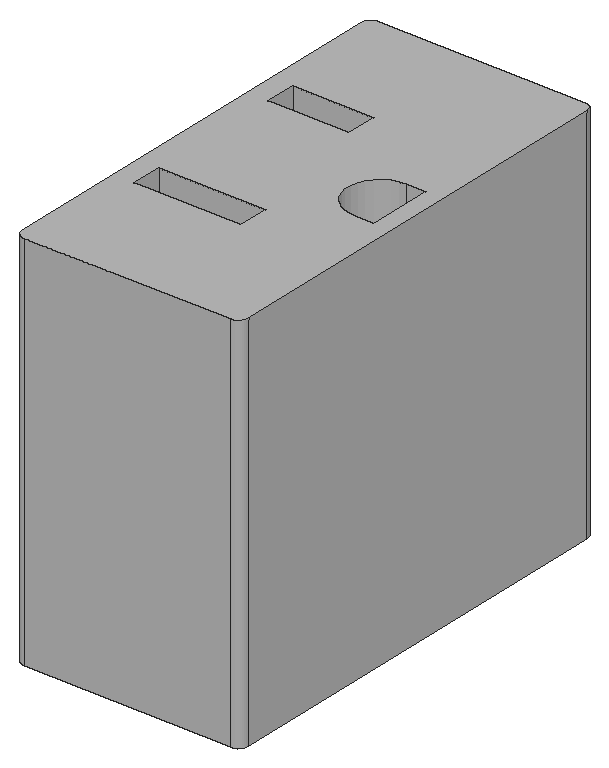
Revit family "Domotics-DomesticRanges-GEWISS-CHORUS_POWER-SOCKET-OUTLET_USA", category Apparecchi elettrici, host Superficie, Revit 2016
Family settings
  Host = Superficie
  Mantenere orientamento annotazione = Sì
  Tipo di parte = Normale
  Quota connettore circolare = Usa diametro
  Taglio con vuoti quando caricato = Sì
  Condiviso = Sì
  Punto di calcolo locali = Sì
Parameters (values of type "GW14286 - Socket outlet 1M 2P+T 15A USA standard Titanium")
  Wiring terminals = "With screw"
  Voltage: = "250/125V AC"
  Voltage = "250/125V AC"
  Volt = 230 V
  Vista in pianta [instance] = yes
  Version file RFA = "19.0"
  URL = "https://www.gewiss.com/ww/en"
  Tipo = CHORUS PRESE USA_GENERICO : GW14286 Presa 1M 2P+T 15A standard USA titanio
  Thermo-pressure with ball = "125 °C"
  Terminal tightening capacity rigid cables (mm2) = "min. 0,5 - max. 2x2,5"
  Terminal tightening capacity flexible cables (mm2) = "min. 0,75 - max. 2x4"
  Terminal grip on cable traction = "> 50 N"
  Technical sheet = "https://www.gewiss.com/ww/en/search?q=GW14286"
  TXT ELETTRICO = "15"
  Standard; = "IEC 60884-1"
  Standard: = "USA"
  Standard = "USA"
  Simbolo [instance] = yes
  SEO = "Socket outlet"
  Resistance at test voltage = "2000 V at 50 Hz for 1 minute"
  Realized by GEWISS S.p.A. = ""
  Default Elevation = 1219.2 mm
  Prolonged operation (no.of position changes) = "10.000 at In 250 V ac cosØ=0,8"
  Produttore = "GEWISS S.p.A."
  Offset presa [instance] = 0 mm
  Offset bidimensionale [instance] = 41 mm
  No. Chorus modules: = "1"
  No. Chorus modules = "1"
  N. poli = 1
  Modello = "GW14286"
  Insulation resistance = "> 5 MOhm"
  Immagine tipo = GW14286.jpg
  IFC.TypeObject = ""
  IFC.ExportType = ""
  IFC.ExportAs = ""
  IDT = "93e3ec76-1543-4b5d-bb69-3c207991c956"
  IDF = "0721d703-e534-47c8-87a0-3fb374cf64be"
  Glow Wire Test = "850°C"
  For plug pins = "Flat parallel horizontal"
  Electrocod = "0131"
  EAN code = "8011564266414"
  Distanza_x [instance] = 0 mm
  Distanza_effettiva_y [instance] = 100 mm
  Distanza_effettiva_x [instance] = 1000 mm - Distanza_x  # 1000 mm
  Distanza orizzontale del simbolo [instance] = 114.847 mm
  Distanza dal muro [instance] = 4.208 mm
  Descrizione = "SOCKET 1M 2P+E 15A USA STANDARD TITANIUM"
  Description: = "2P+E - 15A"
  Description. = "Socket-outlet"
  Colour = "Titanium"
  Category = "Socket-outlet"
  Catalogue Range = "CHORUS - DOMESTIC RANGE"
  Catalogue = "DOMOTICS"
  Carico apparente = 0 VA
  COBie.Tagnumber = ""
  COBie.CreatedOn = ""
  COBie.CreatebBy = ""
  COBie.ComponentRegisterItemID = ""
  COBie.Component.TagNumber = ""
  COBie.Component.Space = ""
  COBie.Component.SerialNumber = ""
  COBie.Component.InstallationDate = ""
  COBie.Component.Description = ""
  COBie.Component.BarCode = ""
  Breaking capacity: = "1.25 In (100 position changes)"
Types (3, lengths in mm): name | Tipo | Technical sheet | Modello | Immagine tipo | IDT | EAN code | Descrizione | Colour
  GW10286 - Socket outlet 1M 2P+T 15A USA standard White | CHORUS PRESE USA_GENERICO : GW10286 Presa 1M 2P+T 15A standard USA bianco | "https://www.gewiss.com/ww/en/search?q=GW10286" | "GW10286" | GW10286.jpg | "1ed59d31-28be-4245-9e14-348a62c1f277" | "8011564258259" | "S. OUTLET 1M 2P+E 15A USA WHITE" | "White"
  GW12286 - Socket outlet 1M 2P+T 15A USA standard Black | CHORUS PRESE USA_GENERICO : GW12286 Presa 1M 2P+T 15A standard USA nero | "https://www.gewiss.com/ww/en/search?q=GW12286" | "GW12286" | GW12286.jpg | "566aa8e5-224a-4708-ba49-016104104f82" | "8011564267176" | "SOCKET 1M 2P+E 15A USA STANDARD BLACK" | "Black"
  GW14286 - Socket outlet 1M 2P+T 15A USA standard Titanium | CHORUS PRESE USA_GENERICO : GW14286 Presa 1M 2P+T 15A standard USA titanio | "https://www.gewiss.com/ww/en/search?q=GW14286" | "GW14286" | GW14286.jpg | "93e3ec76-1543-4b5d-bb69-3c207991c956" | "8011564266414" | "SOCKET 1M 2P+E 15A USA STANDARD TITANIUM" | "Titanium"
Reference planes
  plane 1 "Centro (Fronte/Retro)": y = 0
  plane 2: z = 0
  plane 3 "Centro (Sinistra/Destra)": x = 0
  plane 4: x = -1000
  plane 5: x = 0
  plane 6: y = 100
  plane 7: z = 0
  plane 8: z = 41
  plane 9: z = 39
Lines and regions (mm)
  Masking region 1, visible <- "Vista in pianta"
    outline origin (0, 0, 0) x (1, 0, 0) y (0, 1, 0)
      loop
        line (-11.5, 22.5) -> (-11.5, -22.5) -> (11.5, -22.5) -> (11.5, 22.5) -> (-11.5, 22.5)
      loop
        line (-1.074, 10.101) -> (-9.309, 10.101) -> (-9.309, 6.917) -> (-1.074, 6.917) -> (-1.074, 10.101)
      loop
        arc (7.662, 3.294) -> (4.368, 0) -> (7.662, -3.294) r 3.294
        line (7.662, -3.294) -> (9.638, -3.294) -> (9.638, 3.294) -> (7.662, 3.294)
      loop
        line (1.561, -6.917) -> (-9.309, -6.917) -> (-9.309, -10.101) -> (1.561, -10.101) -> (1.561, -6.917)
  Masking region 2, visible <- "Vista in pianta"
    outline origin (0, 0, 0) x (1, 0, 0) y (0, 0, 1)
      loop
        line (11.5, 0) -> (11.5, 39) -> (-11.5, 39) -> (-11.5, 0) -> (11.5, 0)
  Masking region 3, visible <- "Vista in pianta"
    outline origin (0, 0, 0) x (0, 1, 0) y (0, 0, 1)
      loop
        line (22.5, 0) -> (22.5, 39) -> (-22.5, 39) -> (-22.5, 0) -> (22.5, 0)
Dimensions and locks
  plane 4 to plane 3 "Centro (Sinistra/Destra)" = 1000 mm
  "Distanza_effettiva_x": plane 4 to plane 5
  "Distanza_effettiva_y": plane 6 to plane 1 "Centro (Fronte/Retro)"
  "Offset presa": plane 7 to host face
  "Offset bidimensionale": plane 8 to host face
  locked: plane 9 to plane 7 at 39
  aligned and locked: plane 2 to host face
  aligned and locked: level to host face
  aligned and locked: plane 5 to nested 1
  aligned and locked: nested 1 to plane 6
  aligned and locked: plane 3 "Centro (Sinistra/Destra)" to nested 2
  aligned and locked: plane 1 "Centro (Fronte/Retro)" to nested 2
  aligned and locked: nested 2 to plane 7
  aligned and locked: plane 8 to import instance
  aligned and locked: nested 2 to plane 9  (x2)
  aligned and locked: Masking region 2 sketch curve to nested 2  (x2)
  aligned and locked: Masking region 2 to plane 7
  aligned and locked: plane 9 to nested 2
  aligned and locked: Masking region 3 sketch curve to nested 2  (x2)
  aligned and locked: plane 9 to Masking region 3 sketch curve
  aligned and locked: plane 7 to Masking region 3 sketch curve
Automatic sketch dimensions
  host sketch curve to host sketch curve = 2438.4 mm  (x2)
  Masking region 1 sketch curve to plane 3 "Centro (Sinistra/Destra)" = 11.5 mm
  plane 1 "Centro (Fronte/Retro)" to Masking region 1 sketch curve = 22.5 mm
  plane 3 "Centro (Sinistra/Destra)" to Masking region 1 sketch curve = 11.5 mm
  Masking region 1 sketch curve to plane 1 "Centro (Fronte/Retro)" = 22.5 mm
  Masking region 1 sketch curve to plane 3 "Centro (Sinistra/Destra)" = 9.309 mm  (x2)
  Masking region 1 sketch curve to plane 1 "Centro (Fronte/Retro)" = 10.101 mm
  Masking region 1 sketch curve to plane 3 "Centro (Sinistra/Destra)" = 1.074 mm
  Masking region 1 sketch curve to Masking region 1 sketch curve = 3.184 mm  (x2)
  plane 1 "Centro (Fronte/Retro)" to Masking region 1 sketch curve = 0 mm
  plane 3 "Centro (Sinistra/Destra)" to Masking region 1 sketch curve = 7.662 mm
  Masking region 1 sketch curve to Masking region 1 sketch curve = 3.294 mm
  Masking region 1 sketch curve to Masking region 1 sketch curve = 1.976 mm
  plane 3 "Centro (Sinistra/Destra)" to Masking region 1 sketch curve = 1.561 mm
  plane 1 "Centro (Fronte/Retro)" to Masking region 1 sketch curve = 6.917 mm
  Masking region 2 sketch curve to plane 7 = 0 mm
  Masking region 2 sketch curve to plane 9 = 0 mm
Nested families
  nested 1: "SIMBOLO PRESE" at (0, 100, 0), TESTO ELETTRICO <- "TXT ELETTRICO", SIMBOLO <- "Simbolo", Distanza dal muro <- "Distanza dal muro", visible <- "Simbolo", type "PRESA"
    with TESTO ELETTRICO "15", SIMBOLO yes, Distanza dal muro 4.208 mm, BORDO ACCESO yes
  nested 2: "CHORUS PRESE USA_GENERICO" at (0, 0, 0), type <- "Tipo", type "GW14286 Presa 1M 2P+T 15A standard USA titanio", detail levels medium+fine
Connectors
  electrical at (0, 0, 0), driven by "N. poli", driven by "Volt", driven by "Carico apparente"
    settings: on nested 2, index 1, voltage 230 V, apparent load 0 VA, apparent load phase1 0 VA, apparent load phase2 0 VA, apparent load phase3 0 VA, power factor 1, load classification "Altro", number of poles 1, system type 31, power factor state 1, is connector primary yes, connector utility no, sub classification motor no, connector description ""
Definition of nested family "CHORUS PRESE USA_GENERICO"
  Parameters (values of type "GW10286 Presa 1M 2P+T 15A standard USA bianco")
    Profondità presa = 39 mm
    Finitura Presa Svizzera = none
    Altezza da Terra = 750 mm
  Types (3): name
    GW10286 Presa 1M 2P+T 15A standard USA bianco
    GW12286 Presa 1M 2P+T 15A standard USA nero
    GW14286 Presa 1M 2P+T 15A standard USA titanio
  Reference planes
    plane 1 "Centro (Fronte/Retro)": y = 0
    plane 2: z = 0
    plane 3 "Centro (Sinistra/Destra)": x = 0
    plane 4: z = 39
    plane 5: z = 37
    plane 6: z = 29
  Forms (mm)
    Extrusion 1, solid, material <- "Finitura Presa Svizzera"
      sketch origin (-11.5, -795.016, 0.016) x (1, 0, 0) y (0, 1, 0)
        loop
          arc (1, 817.516) -> (0.293, 817.223) -> (0, 816.516) r 1
          line (0, 816.516) -> (0, 773.516)
          arc (0, 773.516) -> (0.293, 772.808) -> (1, 772.516) r 1
          line (1, 772.516) -> (22, 772.516)
          arc (22, 772.516) -> (22.707, 772.808) -> (23, 773.516) r 1
          line (23, 773.516) -> (23, 816.516)
          arc (23, 816.516) -> (22.707, 817.223) -> (22, 817.516) r 1
          line (22, 817.516) -> (1, 817.516)
      from -0.016 to 38.984
    Extrusion 2, void
      sketch origin (0, 0, 0) x (1, 0, 0) y (0, 1, 0)
        loop
          line (-9.309, -6.917) -> (-9.309, -10.101) -> (1.561, -10.101) -> (1.561, -6.917) -> (-9.309, -6.917)
        loop
          arc (7.662, 3.294) -> (4.368, 0) -> (7.662, -3.294) r 3.294
          line (7.662, -3.294) -> (9.638, -3.294) -> (9.638, 3.294) -> (7.662, 3.294)
        loop
          line (-1.074, 6.917) -> (-1.074, 10.101) -> (-9.309, 10.101) -> (-9.309, 6.917) -> (-1.074, 6.917)
      from 29 to 39
  Cuts and joins
    Extrusion 2 cuts Extrusion 1
  Dimensions and locks
    "Profondità presa": plane 4 to level
    plane 4 to plane 5 = 2 mm
    plane 4 to plane 6 = 10 mm
    aligned and locked: level to plane 2
    aligned and locked: plane 4 to Extrusion 1
    aligned and locked: Extrusion 1 to level
    aligned and locked: Extrusion 2 to plane 6
    aligned and locked: Extrusion 1 to Extrusion 2
  Automatic sketch dimensions
    Extrusion 1 sketch curve to plane 3 "Centro (Sinistra/Destra)" = 11.5 mm
    Extrusion 1 sketch curve to Extrusion 1 sketch curve = 1 mm  (x3)
    plane 3 "Centro (Sinistra/Destra)" to Extrusion 1 sketch curve = 10.5 mm  (x2)
    plane 1 "Centro (Fronte/Retro)" to Extrusion 1 sketch curve = 22.5 mm
    Extrusion 1 sketch curve to plane 1 "Centro (Fronte/Retro)" = 21.5 mm
    Extrusion 2 sketch curve to plane 3 "Centro (Sinistra/Destra)" = 9.309 mm
    plane 1 "Centro (Fronte/Retro)" to Extrusion 2 sketch curve = 6.917 mm
    plane 3 "Centro (Sinistra/Destra)" to Extrusion 2 sketch curve = 1.561 mm
    Extrusion 2 sketch curve to Extrusion 2 sketch curve = 3.184 mm  (x2)
    plane 1 "Centro (Fronte/Retro)" to Extrusion 2 sketch curve = 0 mm
    plane 1 "Centro (Fronte/Retro)" to Extrusion 2 sketch curve = 3.294 mm
    Extrusion 2 sketch curve to Extrusion 2 sketch curve = 6.101 mm
    Extrusion 2 sketch curve to Extrusion 2 sketch curve = 1.976 mm
    Extrusion 2 sketch curve to plane 3 "Centro (Sinistra/Destra)" = 1.074 mm
    Extrusion 2 sketch curve to plane 1 "Centro (Fronte/Retro)" = 6.917 mm
    Extrusion 2 sketch curve to Extrusion 2 sketch curve = 8.235 mm
Definition of nested family "SIMBOLO PRESE"
  Parameters (values of type "PRESA")
    TESTO ELETTRICO [instance] = "TXT"
    Simbolo = SIMBOLO PRESE_BASE : PRESA
    SIMBOLO [instance] = yes
    Distanza dal muro [instance] = 4.208 mm
    BORDO ACCESO [instance] = yes
  Reference planes
    plane 1: y = 0
    plane 2: x = 0
  Dimensions and locks
    aligned and locked: plane 2 to nested 1
  Nested families
    nested 1: "SIMBOLO PRESE_BASE" at (0, 0, 0), type <- "Simbolo", TESTO ELETTRICO <- "TESTO ELETTRICO", BORDO ACCESO <- "BORDO ACCESO", visible <- "SIMBOLO", type "PRESA"
      with TESTO ELETTRICO "TXT", BORDO ACCESO yes
  Definition of nested family "SIMBOLO PRESE_BASE"
    Parameters (values of type "PRESA")
      TESTO ELETTRICO [instance] = "TXT"
      Distanza dal muro = 4.208 mm
      BORDO ACCESO [instance] = yes
    Reference planes
      plane 1: y = 0
      plane 2: x = 0
    Lines and regions (mm)
      detail lines, visible <- "BORDO ACCESO", not visible
        curve 1: line (-1.743, 9.208, 0) -> (2.057, 9.208, 0)
        curve 2: line (2.057, 9.208, 0) -> (2.057, 4.208, 0)
        curve 3: line (2.057, 4.208, 0) -> (-1.743, 4.208, 0)
        curve 4: line (-1.743, 4.208, 0) -> (-1.743, 9.208, 0)
        curve 5: line (-1.543, 9.008, 0) -> (1.857, 9.008, 0)
        curve 6: line (1.857, 9.008, 0) -> (1.857, 4.408, 0)
        curve 7: line (1.857, 4.408, 0) -> (-1.543, 4.408, 0)
        curve 8: line (-1.543, 4.408, 0) -> (-1.543, 9.008, 0)
      detail lines
        curve 9: line (0.783, 1.133, 0) -> (-0.783, 1.133, 0)
        curve 10: line (0, 1.133, 0) -> (0, 0.349, 0)
        curve 11: arc (-0.783, 1.916, 0) -> (0, 1.133, 0) -> (0.783, 1.916, 0) r 0.783
    Text (mm)
      label "TXT" at (0.016, 1.578, 0), shows "TESTO ELETTRICO"
